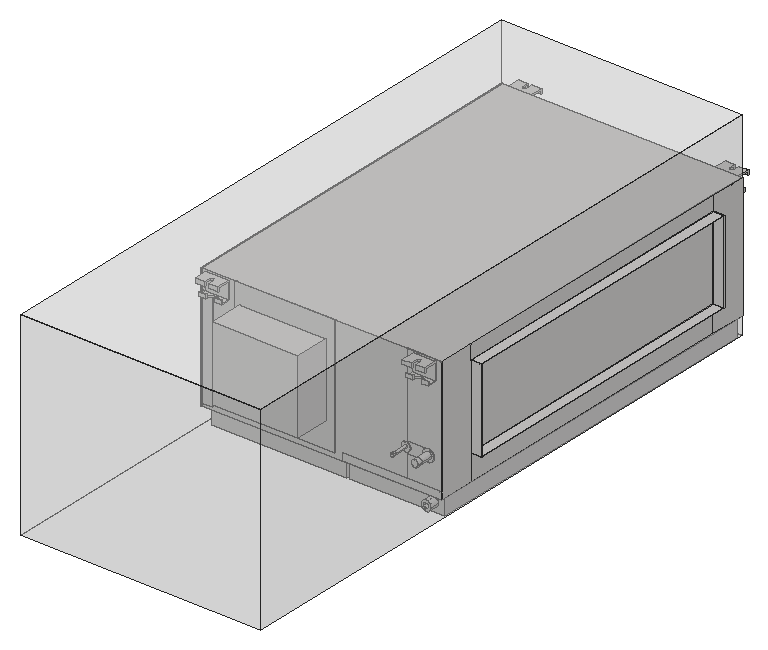
Revit family "outputfile", category 機械設備, Revit 2024 (continued)
Definition of nested family "daikin_rightpanel_FDR-QY14"
  Dimensions and locks
    locked: Extrusion 9 sketch curve to Extrusion 9 sketch curve at 47
    locked: Extrusion 9 sketch curve to Extrusion 9 sketch curve at 313
    locked: Extrusion 9 sketch curve to Extrusion 9 sketch curve at 42
    locked: Extrusion 10 sketch curve to Extrusion 10 sketch curve at 82
    locked: Extrusion 10 sketch curve to plane 2 "Bottom" at 61
    locked: Extrusion 11 sketch curve to plane 8 at 19
    locked: Extrusion 11 sketch curve to plane 2 "Bottom" at 61
    "ld_liquidpipe": plane 16 to plane 1 "Center (Front/Back)"
    "ld_gaspipe": plane 17 "ld_g" to plane 1 "Center (Front/Back)"
    "内径_liquidpipe": diameter of Extrusion 12 sketch curve
    "外径_liquidpipe": diameter of Extrusion 13 sketch curve
    "内径_gaspipe": diameter of Extrusion 14 sketch curve
    "外径_gaspipe": diameter of Extrusion 15 sketch curve
    aligned and locked: level to plane 2 "Bottom"
    aligned and locked: Extrusion 1 sketch curve to plane 9
    aligned and locked: Extrusion 1 sketch curve to plane 7
    aligned and locked: plane 10 to Extrusion 1 sketch curve
    aligned and locked: Extrusion 1 sketch curve to plane 8
    aligned and locked: Extrusion 1 to plane 11
    aligned and locked: Extrusion 1 to plane 1 "Center (Front/Back)"
    aligned and locked: Extrusion 2 sketch curve to plane 6
    aligned and locked: Extrusion 2 sketch curve to plane 5
    aligned and locked: Extrusion 3 sketch curve to plane 6
    aligned and locked: plane 4 to Extrusion 3 sketch curve
    aligned and locked: plane 13 "lh_l" to Extrusion 4 sketch curve
    aligned and locked: plane 15 "lw_l" to Extrusion 4 sketch curve
    aligned and locked: plane 12 "lh_g" to Extrusion 5 sketch curve
    aligned and locked: plane 14 "lw_g" to Extrusion 5 sketch curve
    aligned and locked: Extrusion 6 sketch curve to plane 5
    aligned and locked: Extrusion 7 sketch curve to plane 6
    aligned and locked: plane 4 to Extrusion 8 sketch curve
    aligned and locked: Extrusion 9 sketch curve to Extrusion 9 sketch curve
    aligned and locked: Extrusion 9 sketch curve to plane 6
    aligned and locked: Extrusion 9 sketch curve to plane 5
    aligned and locked: Extrusion 10 sketch curve to plane 5
    aligned and locked: Extrusion 10 sketch curve to plane 6
    aligned and locked: Extrusion 11 sketch curve to plane 6
    aligned and locked: plane 4 to Extrusion 11 sketch curve
    aligned and locked: plane 13 "lh_l" to Extrusion 12 sketch curve
    aligned and locked: plane 15 "lw_l" to Extrusion 12 sketch curve
    aligned and locked: Extrusion 12 to plane 1 "Center (Front/Back)"
    aligned and locked: Extrusion 12 to plane 16
    aligned and locked: plane 13 "lh_l" to Extrusion 13 sketch curve
    aligned and locked: plane 15 "lw_l" to Extrusion 13 sketch curve
    aligned and locked: plane 12 "lh_g" to Extrusion 14 sketch curve
    aligned and locked: plane 14 "lw_g" to Extrusion 14 sketch curve
    aligned and locked: Extrusion 14 to plane 17 "ld_g"
    aligned and locked: Extrusion 14 to plane 1 "Center (Front/Back)"
    aligned and locked: plane 12 "lh_g" to Extrusion 15 sketch curve
    aligned and locked: plane 14 "lw_g" to Extrusion 15 sketch curve
    aligned and locked: plane 14 "lw_g" to Extrusion 16 sketch curve
    aligned and locked: plane 12 "lh_g" to Extrusion 16 sketch curve
    aligned and locked: plane 15 "lw_l" to Extrusion 16 sketch curve
    aligned and locked: plane 13 "lh_l" to Extrusion 16 sketch curve
  Automatic sketch dimensions
    radius of Extrusion 4 sketch curve = 16.0 mm
    radius of Extrusion 5 sketch curve = 25.0 mm
    radius of Extrusion 16 sketch curve = 16.0 mm
    radius of Extrusion 16 sketch curve = 21.0 mm
Definition of nested family "daikin_connector_rotate2"
  Parameters (values of type "daikin_connector_rotate2")
    Default Elevation = 1219.2 mm
    show_face = no
    radius [instance] = 10.0 mm
    length [instance] = 600.0 mm
    d_surface = 10.0 mm
    angle_vertical [instance] = 90.00°
  Reference planes
    plane 1 "Center (Front/Back)": y = 0
    plane 2: z = 0
    plane 3 "Center (Left/Right)": x = 0
  Forms (mm)
    Extrusion 1, solid, visible <- "show_face"
      sketch origin (0, -600, 0) x (1, 0, 0) y (0, 0, 1)
        loop
          circle (0, 0) r 10
      from 0 to -10
  Lines and regions (mm)
    reference lines
      curve 1: line (0, 0, 0) -> (0, -600, 0)
    symbolic lines
      curve 2: circle (0, 0, 0) r 5 normal (0, 0, 1)
    model lines, visible <- "show_face"
      curve 3: line (0, 0, 0) -> (0, -600, 0)
  Dimensions and locks
    "length": curve 1 to curve 1
    "length": curve 3 to curve 3
    "d_surface": Extrusion 1 to Extrusion 1
    "radius": radius of Extrusion 1 sketch curve
    "angle_vertical": angle curve 1 to plane 1 "Center (Front/Back)"
    "angle_vertical": angle curve 3 to plane 1 "Center (Front/Back)"
    aligned and locked: level to plane 2
    aligned and locked: plane 1 "Center (Front/Back)" to curve 1
    aligned and locked: plane 2 to curve 1
    aligned and locked: plane 1 "Center (Front/Back)" to curve 2
    aligned and locked: plane 3 "Center (Left/Right)" to curve 2
    aligned and locked: plane 1 "Center (Front/Back)" to curve 3
    aligned and locked: plane 2 to curve 3
    aligned and locked: Extrusion 1 to Extrusion 1
  Automatic sketch dimensions
    Extrusion 1 sketch curve to level = 0.0 mm
    Extrusion 1 sketch curve to plane 3 "Center (Left/Right)" = 0.0 mm
    radius of curve 2 = 5.0 mm
Definition of nested family "daikin_△_symbolicline"
  Parameters (values of type "daikin_△_symbolicline")
    length [instance] = 200.0 mm
    Default Elevation = 0.0 mm
  Reference planes
    plane 1 "Center (Front/Back)": y = 0
    plane 2: z = 0
    plane 3 "Center (Left/Right)": x = 0
  Lines and regions (mm)
    symbolic lines
      curve 1: line (0, -173.205, 0) -> (100, 0, 0)
      curve 2: line (100, 0, 0) -> (-100, 0, 0)
      curve 3: line (-100, 0, 0) -> (0, -173.205, 0)
  Dimensions and locks
    equal spacing: curve 3, plane 3 "Center (Left/Right)", curve 2
    "length": curve 3 to curve 2
    "length": curve 3 to curve 3
    "length": curve 1 to curve 1
    aligned and locked: level to plane 2
    aligned and locked: curve 2 to plane 1 "Center (Front/Back)"
    aligned and locked: plane 3 "Center (Left/Right)" to curve 3
Definition of nested family "daikin_mountinghole"
  Parameters (values of type "daikin_mountinghole")
    Default Elevation = 1219.2 mm
    Type Comments = "mountinghole"
    show [instance] = yes
    material = none
    l_centerline = 100.0 mm
    l_antenna [instance] = 100.0 mm
    h_mountinghole [instance] = 0.0 mm
    d_circle = 30.0 mm
    Link_Nested Family [instance] = ""
  Reference planes
    plane 1 "Center (Front/Back)": y = 0
    plane 2: z = 0
    plane 3 "Center (Left/Right)": x = 0
    plane 4: y = 50
    plane 5: x = -50
    plane 6: x = 50
    plane 7: y = -50
    plane 8 "h_mountinghole": z = 0
    plane 9: z = 100
  Lines and regions (mm)
    model lines, detail levels fine
      curve 1: circle (0, 0, 0) r 15 normal (0, 0, 1)
      curve 2: line (-50, 0, 0) -> (50, 0, 0)
      curve 3: line (0, 50, 0) -> (0, -50, 0)
    symbolic lines, detail levels fine
      curve 4: circle (0, 0, 0) r 15 normal (0, 0, 1)
      curve 5: line (-50, 0, 0) -> (50, 0, 0)
      curve 6: line (0, 50, 0) -> (0, -50, 0)
    model lines
      curve 7: line (0, 0, 100) -> (0, 0, 0)
  Dimensions and locks
    equal spacing: plane 4, plane 1 "Center (Front/Back)", plane 7
    "l_centerline": plane 4 to plane 7
    equal spacing: plane 5, plane 3 "Center (Left/Right)", plane 6
    "l_centerline": plane 5 to plane 6
    "l_antenna": plane 9 to plane 8 "h_mountinghole"
    "h_mountinghole": plane 8 "h_mountinghole" to plane 2
    "d_circle": diameter of curve 1
    "d_circle": diameter of curve 4
    aligned and locked: level to plane 2
    aligned and locked: plane 1 "Center (Front/Back)" to curve 1
    aligned and locked: plane 3 "Center (Left/Right)" to curve 1
    aligned and locked: plane 1 "Center (Front/Back)" to curve 2
    aligned and locked: curve 3 to plane 3 "Center (Left/Right)"
    aligned and locked: plane 6 to curve 2
    aligned and locked: plane 5 to curve 2
    aligned and locked: plane 4 to curve 3
    aligned and locked: plane 7 to curve 3
    aligned and locked: plane 1 "Center (Front/Back)" to curve 4
    aligned and locked: plane 3 "Center (Left/Right)" to curve 4
    aligned and locked: plane 6 to curve 5
    aligned and locked: plane 5 to curve 5
    aligned and locked: plane 1 "Center (Front/Back)" to curve 5
    aligned and locked: plane 4 to curve 6
    aligned and locked: plane 7 to curve 6
    aligned and locked: curve 6 to plane 3 "Center (Left/Right)"
    aligned and locked: curve 7 to plane 3 "Center (Left/Right)"
    aligned and locked: plane 9 to curve 7
    aligned and locked: plane 8 "h_mountinghole" to curve 7
